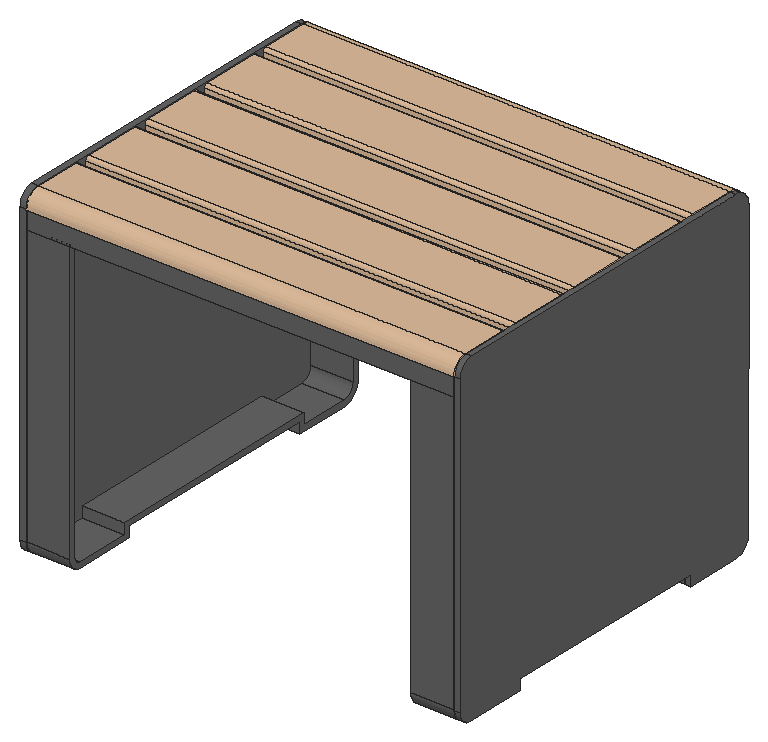
Revit family "1109-S-L", category Meble, Revit 2021
Family settings
  Numer OmniClass = 23.40.20.00
  Tytuł OmniClass = General Furniture and Specialties
  Oparty na płaszczyźnie roboczej = Nie
  Zawsze pionowo = Tak
  Tnij formami wycięć po wczytaniu = Nie
  Współdzielony = Nie
  Punkt obliczania pomieszczeń = Nie
Parameters (values of type "1109-S-L")
  wood = Mobilis Design Wood - Larch
  metal = Mobilis Design RAL 9004
  Width = "50 cm"
  Weight = "30 kg"
  URL = ""
  Product line = "Centaurus"
  Product Groups = ""
  Manufacturer = ""
  Keynote = ""
  Description = ""
  Model = "1109-S-L"
  Material = ""
  Maintenance = ""
  Lenght = "60 cm"
  Type Comments = ""
  Mobilis Design Materials = ""
  Hosted on = ""
  Height = "45 cm"
  Domyślna rzędna = 0 mm
  Copyright = "All designs and drawings are the common intellectual property of Lars Laj A/S and Tress and are protected by Danish and international copyright laws"
Reference planes
  plane 1 "front": y = 0
  plane 2: z = 0
  plane 3 "Środek (Lewa/Prawa)": x = 0
  plane 4 "left": x = -296.25
  plane 5 "right": x = 295
  plane 6: x = -236.25
  plane 7: x = 235
Forms (mm)
  Extrusion 1, solid, material "Mobilis Design Wood - Larch" <- "wood"
    sketch origin (0, -304.521, 21.46) x (0, 1, 0) y (0, 0, 1)
      loop
        arc (260.118, 430.04) -> (256.583, 428.576) -> (255.118, 425.04) r 5
        line (255.118, 425.04) -> (255.118, 388.972)
        arc (255.118, 388.972) -> (255.693, 387.586) -> (257.078, 387.012) r 1.96
        line (257.078, 387.012) -> (342.493, 387.012)
        arc (342.493, 387.012) -> (343.908, 387.598) -> (344.493, 389.012) r 2
        line (344.493, 389.012) -> (344.493, 425.04)
        arc (344.493, 425.04) -> (343.029, 428.576) -> (339.493, 430.04) r 5
        line (339.493, 430.04) -> (260.118, 430.04)
    from -296.25 to 295
  Extrusion 2, solid, material "Mobilis Design Wood - Larch" <- "wood"
    sketch origin (0, -406.971, 21.46) x (0, 1, 0) y (0, 0, 1)
      loop
        arc (260.118, 430.04) -> (256.583, 428.576) -> (255.118, 425.04) r 5
        line (255.118, 425.04) -> (255.118, 388.972)
        arc (255.118, 388.972) -> (255.693, 387.586) -> (257.078, 387.012) r 1.96
        line (257.078, 387.012) -> (342.493, 387.012)
        arc (342.493, 387.012) -> (343.908, 387.598) -> (344.493, 389.012) r 2
        line (344.493, 389.012) -> (344.493, 425.04)
        arc (344.493, 425.04) -> (343.029, 428.576) -> (339.493, 430.04) r 5
        line (339.493, 430.04) -> (260.118, 430.04)
    from -296.25 to 295
  Extrusion 3, solid, material "Mobilis Design Wood - Larch" <- "wood"
    sketch origin (0, -509.471, 21.46) x (0, 1, 0) y (0, 0, 1)
      loop
        arc (275.801, 430.04) -> (261.497, 424.045) -> (255.743, 409.642) r 20.061
        line (255.743, 409.642) -> (258.916, 409.642) -> (258.916, 387.013) -> (343.118, 387.013)
        arc (343.118, 387.013) -> (344.532, 387.598) -> (345.117, 389.012) r 1.999
        line (345.117, 389.012) -> (345.117, 425.043)
        arc (345.117, 425.043) -> (343.653, 428.577) -> (340.119, 430.04) r 4.998
        line (340.119, 430.04) -> (275.801, 430.04)
    from -296.25 to 295
  Extrusion 4, solid, material "Mobilis Design Wood - Larch" <- "wood"
    sketch origin (0, -201.971, 22.625) x (0, 1, 0) y (0, 0, 1)
      loop
        arc (260.118, 428.875) -> (256.583, 427.411) -> (255.118, 423.875) r 5
        line (255.118, 423.875) -> (255.118, 387.807)
        arc (255.118, 387.807) -> (255.693, 386.421) -> (257.078, 385.847) r 1.96
        line (257.078, 385.847) -> (342.493, 385.847)
        arc (342.493, 385.847) -> (343.908, 386.433) -> (344.493, 387.847) r 2
        line (344.493, 387.847) -> (344.493, 423.875)
        arc (344.493, 423.875) -> (343.029, 427.411) -> (339.493, 428.875) r 5
        line (339.493, 428.875) -> (260.118, 428.875)
    from -296.25 to 295
  Extrusion 5, solid, material "Mobilis Design RAL 9004" <- "metal", not visible
    sketch origin (0, 0, 0) x (0, 1, 0) y (0, 0, 1)
      loop
        arc (71.187, 451.5) -> (57.045, 445.642) -> (51.187, 431.5) r 20
        line (51.187, 431.5) -> (51.187, 18.231)
        arc (51.187, 18.231) -> (56.527, 5.34) -> (69.418, 0) r 18.231
        line (69.418, 0) -> (153.638, 0) -> (153.638, 15) -> (448.638, 15) -> (448.638, 0) -> (527.023, 0)
        arc (527.023, 0) -> (542.307, 6.331) -> (548.638, 21.615) r 21.615
        line (548.638, 21.615) -> (548.638, 429.407)
        arc (548.638, 429.407) -> (542.168, 445.029) -> (526.545, 451.5) r 22.093
        line (526.545, 451.5) -> (71.187, 451.5)
    from 750.378 to 745
  Extrusion 6, solid, material "Mobilis Design RAL 9004" <- "metal", not visible
    sketch origin (0, 0, 0) x (0, 1, 0) y (0, 0, 1)
      loop
        line (548.638, 396.844) -> (629.375, 854.725) -> (601.836, 859.581)
        arc (601.836, 859.581) -> (585.224, 855.898) -> (576.082, 841.547) r 22.232
        line (576.082, 841.547) -> (507.306, 451.5) -> (526.545, 451.5)
        arc (526.545, 451.5) -> (542.168, 445.029) -> (548.638, 429.407) r 22.093
        line (548.638, 429.407) -> (548.638, 396.844)
    from 745 to 750.378
  Extrusion 7, solid, material "Mobilis Design RAL 9004" <- "metal"
    sketch origin (0, -304.491, 0) x (0, -1, 0) y (0, 0, 1)
      loop
        line (-71.187, 451.5) -> (-526.545, 451.5)
        arc (-526.545, 451.5) -> (-542.168, 445.029) -> (-548.638, 429.407) r 22.093
        line (-548.638, 429.407) -> (-548.638, 21.615)
        arc (-548.638, 21.615) -> (-542.307, 6.331) -> (-527.023, 0) r 21.615
        line (-527.023, 0) -> (-448.638, 0) -> (-448.638, 15) -> (-153.638, 15) -> (-153.638, 0) -> (-69.418, 0)
        arc (-69.418, 0) -> (-56.527, 5.34) -> (-51.187, 18.231) r 18.231
        line (-51.187, 18.231) -> (-51.187, 431.5)
        arc (-51.187, 431.5) -> (-57.045, 445.642) -> (-71.187, 451.5) r 20
    from 304.767 to 296.25
  Extrusion 8, solid, material "Mobilis Design RAL 9004" <- "metal"
    sketch origin (0, -304.491, 0) x (0, 1, 0) y (0, 0, 1)
      loop
        line (548.638, 23.296) -> (548.638, 408.472) -> (51.187, 408.472) -> (51.187, 18.763)
        arc (51.187, 18.763) -> (56.683, 5.495) -> (69.95, 0) r 18.763
        line (69.95, 0) -> (153.638, 0) -> (153.638, 15) -> (448.638, 15) -> (448.638, 0) -> (525.342, 0)
        arc (525.342, 0) -> (541.815, 6.823) -> (548.638, 23.296) r 23.296
      loop
        line (58.687, 400.262) -> (58.687, 18.763)
        arc (58.687, 18.763) -> (61.986, 10.799) -> (69.95, 7.5) r 11.263
        line (69.95, 7.5) -> (146.138, 7.5) -> (146.138, 22.5) -> (456.138, 22.5) -> (456.138, 7.5) -> (525.342, 7.5)
        arc (525.342, 7.5) -> (536.512, 12.127) -> (541.138, 23.296) r 15.796
        line (541.138, 23.296) -> (541.138, 400.262) -> (58.687, 400.262)
    from -296.25 to -236.25
  Extrusion 9, solid, material "Mobilis Design RAL 9004" <- "metal"
    sketch origin (0, -304.491, 0) x (0, 1, 0) y (0, 0, 1)
      loop
        line (53.936, 431.102) -> (51.187, 431.102) -> (51.187, 406.102) -> (75.536, 406.102) -> (75.536, 408.472) -> (53.936, 408.472) -> (53.936, 431.102)
    from -296.25 to 295
  Extrusion 10, solid, material "Mobilis Design Wood - Larch" <- "wood"
    sketch origin (0, 499.513, 21.46) x (0, -1, 0) y (0, 0, -1)
      loop
        line (275.801, -430.04) -> (340.119, -430.04)
        arc (340.119, -430.04) -> (343.653, -428.577) -> (345.117, -425.043) r 4.998
        line (345.117, -425.043) -> (345.117, -389.012)
        arc (345.117, -389.012) -> (344.532, -387.598) -> (343.118, -387.013) r 1.999
        line (343.118, -387.013) -> (258.705, -387.013) -> (258.705, -409.642) -> (255.743, -409.642)
        arc (255.743, -409.642) -> (261.497, -424.045) -> (275.801, -430.04) r 20.061
    from -296.25 to 295
  Extrusion 11, solid, material "Mobilis Design RAL 9004" <- "metal"
    sketch origin (-600, -304.491, 0) x (0, -1, 0) y (0, 0, -1)
      loop
        arc (-71.187, -451.5) -> (-57.045, -445.642) -> (-51.187, -431.5) r 20
        line (-51.187, -431.5) -> (-51.187, -18.231)
        arc (-51.187, -18.231) -> (-56.527, -5.34) -> (-69.418, 0) r 18.231
        line (-69.418, 0) -> (-153.638, 0) -> (-153.638, -15) -> (-448.638, -15) -> (-448.638, 0) -> (-527.023, 0)
        arc (-527.023, 0) -> (-542.307, -6.331) -> (-548.638, -21.615) r 21.615
        line (-548.638, -21.615) -> (-548.638, -429.407)
        arc (-548.638, -429.407) -> (-542.168, -445.029) -> (-526.545, -451.5) r 22.093
        line (-526.545, -451.5) -> (-71.187, -451.5)
    from 903.45 to 895
  Extrusion 12, solid, material "Mobilis Design RAL 9004" <- "metal"
    sketch origin (-600, -304.491, 0) x (0, 1, 0) y (0, 0, -1)
      loop
        arc (548.638, -23.296) -> (541.815, -6.823) -> (525.342, 0) r 23.296
        line (525.342, 0) -> (448.638, 0) -> (448.638, -15) -> (153.638, -15) -> (153.638, 0) -> (69.95, 0)
        arc (69.95, 0) -> (56.683, -5.495) -> (51.187, -18.763) r 18.763
        line (51.187, -18.763) -> (51.187, -408.472) -> (548.638, -408.472) -> (548.638, -23.296)
      loop
        line (58.687, -400.262) -> (541.138, -400.262) -> (541.138, -23.296)
        arc (541.138, -23.296) -> (536.512, -12.127) -> (525.342, -7.5) r 15.796
        line (525.342, -7.5) -> (456.138, -7.5) -> (456.138, -22.5) -> (146.138, -22.5) -> (146.138, -7.5) -> (69.95, -7.5)
        arc (69.95, -7.5) -> (61.986, -10.799) -> (58.687, -18.763) r 11.263
        line (58.687, -18.763) -> (58.687, -400.262)
    from -895 to -835
  Extrusion 13, solid, material "Mobilis Design RAL 9004" <- "metal"
    sketch origin (0, 295.372, -0.238) x (0, -1, 0) y (0, 0, -1)
      loop
        line (53.936, -431.102) -> (53.936, -408.472) -> (75.536, -408.472) -> (75.536, -406.102) -> (51.187, -406.102) -> (51.187, -431.102) -> (53.936, -431.102)
    from -296.25 to 295
Lines and regions (mm)
  model lines, style "9"
    curve 1: line (264.233, -99.489, 0) -> (264.233, -93.489, 0)
    curve 2: line (264.233, -399.489, 0) -> (264.233, -405.489, 0)
    curve 3: line (-304.767, -99.489, 0) -> (-304.767, -93.489, 0)
    curve 4: line (-304.767, -399.489, 0) -> (-304.767, -405.489, 0)
    curve 5: line (-281.767, -99.489, 0) -> (-281.767, -93.489, 0)
    curve 6: line (-281.767, -399.489, 0) -> (-281.767, -405.489, 0)
Dimensions and locks
  Extrusion 1 sketch curve to Extrusion 1 sketch curve = 89.375 mm
  Extrusion 1 sketch curve to Extrusion 1 sketch curve = 43.028 mm
  Extrusion 2 sketch curve to Extrusion 2 sketch curve = 89.375 mm
  Extrusion 2 sketch curve to Extrusion 2 sketch curve = 43.028 mm
  Extrusion 3 sketch curve to Extrusion 3 sketch curve = 43.028 mm
  Extrusion 4 sketch curve to Extrusion 4 sketch curve = 89.375 mm
  Extrusion 4 sketch curve to Extrusion 4 sketch curve = 43.028 mm
  Extrusion 10 sketch curve to Extrusion 10 sketch curve = 43.028 mm
  aligned and locked: level to plane 2
  aligned and locked: plane 5 "right" to Extrusion 1
  aligned and locked: Extrusion 1 to plane 4 "left"
  aligned and locked: plane 5 "right" to Extrusion 4
  aligned and locked: Extrusion 2 to plane 5 "right"
  aligned and locked: Extrusion 3 to plane 5 "right"
  aligned and locked: Extrusion 4 to plane 4 "left"
  aligned and locked: Extrusion 2 to plane 4 "left"
  aligned and locked: Extrusion 3 to plane 4 "left"
  aligned and locked: Extrusion 7 to plane 4 "left"
  aligned and locked: Extrusion 8 to plane 4 "left"
  aligned and locked: Extrusion 8 to plane 6
  aligned and locked: Extrusion 9 to plane 4 "left"
  aligned and locked: Extrusion 9 to plane 5 "right"
